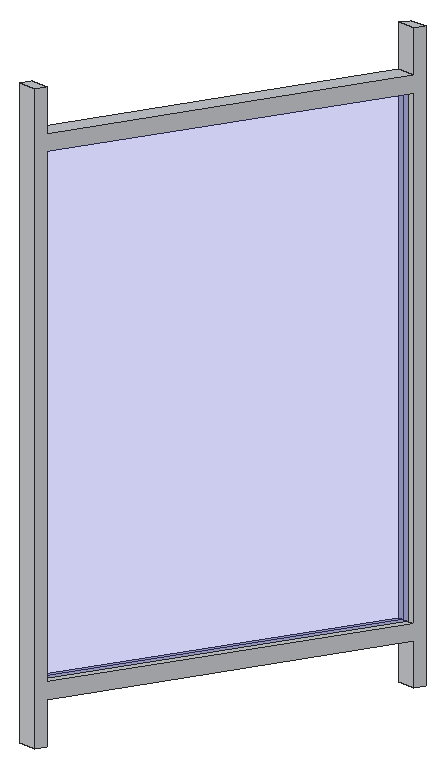
Revit family "M_Painel do balaústre 1", category Balaústres, Revit 2019
Family settings
  Número OmniClass = 23.30.80.11.11.11
  Título OmniClass = Infill Panels
  ID de item do Seek = Baluster Panel 1-0000-CAN-ENU
  Sempre na vertical = Sim
  Corte com vazios quando carregada = Não
  Compartilhado = Não
Parameters (values of type "600 mm - Vidro")
  built-in parameter 1008623 [instance] = (empty or 0)
  built-in parameter 1008625 [instance] = 18.00°
  Post = no
  Material do painel = Vidro
  Largura [instance] = 600 mm
  Material da moldura = none
  built-in parameter 1008624 [instance] = (empty or 0)
  built-in parameter 1008622 [instance] = 750 mm
Types (4, lengths in mm): name | Material do painel | Largura
  (no name) | Vidro | 600
  600 mm - Vidro | Vidro | 600
  600 mm - Corrente | Corrente | 600
  450 mm - Vidro | Vidro | 450
Reference planes
  plane 1 "Centro (Frente/Trás)": y = 0
  plane 2: z = 0
  plane 3 "Centro (Esquerda/Direita)": x = 0
  plane 4 "Superior": z = 750
  plane 5 "Ângulo de inclinação (Superior)": through (0, 220.419, 678.381) normal (0, -0.309, -0.9511)
  plane 6 "Ângulo de inclinação (Inferior)": through (0, 0, 0) normal (0, -0.309, -0.9511)
  plane 7 "Parte frontal": y = 300
  plane 8 "Parte posterior": y = -300
  plane 9: z = 1054.8
  plane 10: z = -304.8
  plane 11: x = -19.05
  plane 12: x = 25.4
  plane 13: x = -9.525
  plane 14: x = 9.525
  plane 15: x = -3.175
  plane 16: x = 3.175
Forms (mm)
  Extrusion 1, solid, material <- "Material da moldura"
    sketch origin (0, 0, 0) x (1, 0, 0) y (0, 1, 0)
      loop
        line (-9.525, 309.525) -> (-9.525, 290.475) -> (9.525, 290.475) -> (9.525, 309.525) -> (-9.525, 309.525)
    from -304.8 to 1054.8
  Extrusion 2, solid, material <- "Material da moldura"
    sketch origin (0, 0, 0) x (1, 0, 0) y (0, 1, 0)
      loop
        line (-9.525, -290.475) -> (-9.525, -309.525) -> (9.525, -309.525) -> (9.525, -290.475) -> (-9.525, -290.475)
    from -304.8 to 1054.8
  Extrusion 3, void
    sketch origin (0, 0, 0) x (0, 1, 0) y (0, 0, 1)
      loop
        line (-334.925, -304.8) -> (334.925, -304.8) -> (334.925, -108.824) -> (-334.925, 108.824) -> (-334.925, -304.8)
      loop
        line (334.925, 1054.8) -> (-334.925, 1054.8) -> (-334.925, 858.824) -> (334.925, 641.176) -> (334.925, 1054.8)
    from -19.05 to 25.4
  Extrusion 4, solid, material <- "Material da moldura"
    sketch origin (0, 0, 0) x (0, 1, 0) y (0, 0, 1)
      loop
        line (-300, 774.031) -> (300, 579.079) -> (300, 599.11) -> (-300, 794.062) -> (-300, 774.031)
    from -9.525 to 9.525
  Extrusion 5, solid, material <- "Material da moldura"
    sketch origin (0, 0, 0) x (0, 1, 0) y (0, 0, 1)
      loop
        line (-300, 170.921) -> (-300, 150.89) -> (300, -44.062) -> (300, -24.031) -> (-300, 170.921)
    from -9.525 to 9.525
  Extrusion 6, solid, material "Vidro" <- "Material do painel"
    sketch origin (0, 0, 0) x (0, 1, 0) y (0, 0, 1)
      loop
        line (290.475, -20.936) -> (290.475, 582.174) -> (-290.475, 770.936) -> (-290.475, 167.826) -> (290.475, -20.936)
    from -3.175 to 3.175
Cuts and joins
  Extrusion 3 cuts Extrusion 1
  Extrusion 3 cuts Extrusion 2
  joined: Extrusion 1, Extrusion 2, Extrusion 4, Extrusion 5
Lines and regions (mm)
  symbolic lines, style "InvisibleLines"
    curve 1: line (0, -300, 773.84) -> (0, 300.36, 578.772)
    curve 2: line (0, -300, 170.921) -> (0, 300, -24.031)
Text (mm)
  text "Elevação do painel do balaústre" at (0, 1279.138, 1234.25), in view "Esquerda"
Dimensions and locks
  "built-in parameter 1008622": plane 2 to plane 4 "Superior"
  "Largura": plane 8 "Parte posterior" to plane 7 "Parte frontal"
  equal spacing: plane 8 "Parte posterior", plane 1 "Centro (Frente/Trás)", plane 7 "Parte frontal"
  locked: curve 1 to plane 5 "Ângulo de inclinação (Superior)" at 70.032  (x2)
  locked: curve 1 to Extrusion 4 sketch curve at 19.232
  locked: plane 4 "Superior" to plane 9 at 304.8
  locked: level to plane 10 at 304.8
  locked: plane 6 "Ângulo de inclinação (Inferior)" to curve 2 at 69.85  (x2)
  locked: curve 2 to Extrusion 5 sketch curve at 19.05
  equal spacing: plane 13, plane 3 "Centro (Esquerda/Direita)", plane 14
  locked: plane 13 to plane 14 at 19.05
  locked: plane 15 to plane 16 at 6.35
  equal spacing: plane 15, plane 3 "Centro (Esquerda/Direita)", plane 16
  "built-in parameter 1008625": angle plane 4 "Superior" to plane 5 "Ângulo de inclinação (Superior)"
  "built-in parameter 1008625": angle level to plane 6 "Ângulo de inclinação (Inferior)"
  aligned and locked: Extrusion 1 to plane 9
  aligned and locked: plane 10 to Extrusion 1
  aligned and locked: Extrusion 2 to Extrusion 1
  aligned and locked: Extrusion 1 to Extrusion 2
  aligned and locked: plane 10 to Extrusion 3 sketch curve
  aligned and locked: Extrusion 3 sketch curve to plane 6 "Ângulo de inclinação (Inferior)"
  aligned and locked: Extrusion 3 sketch curve to plane 9
  aligned and locked: plane 5 "Ângulo de inclinação (Superior)" to Extrusion 3 sketch curve
  aligned and locked: plane 11 to Extrusion 3
  aligned and locked: Extrusion 3 to plane 12
  aligned and locked: Extrusion 4 sketch curve to plane 7 "Parte frontal"
  aligned and locked: Extrusion 4 sketch curve to plane 8 "Parte posterior"
  aligned and locked: plane 7 "Parte frontal" to curve 2
  aligned and locked: plane 8 "Parte posterior" to curve 2
  aligned and locked: Extrusion 5 sketch curve to curve 2
  aligned and locked: Extrusion 1 sketch curve to plane 13
  aligned and locked: plane 14 to Extrusion 1 sketch curve
  aligned and locked: Extrusion 2 sketch curve to plane 13
  aligned and locked: plane 14 to Extrusion 2 sketch curve
  aligned and locked: plane 13 to Extrusion 4
  aligned and locked: Extrusion 4 to plane 14
  aligned and locked: cut or joined group of Extrusion 1, Extrusion 2, Extrusion 3, Extrusion 4, Extrusion 5 to Extrusion 5  (x2)
  aligned and locked: Extrusion 6 sketch curve to cut or joined group of Extrusion 1, Extrusion 2, Extrusion 3, Extrusion 4, Extrusion 5  (x4)
  aligned and locked: Extrusion 6 to plane 15
  aligned and locked: Extrusion 6 to plane 16
Automatic sketch dimensions
  plane 8 "Parte posterior" to Extrusion 3 sketch curve = 34.925 mm  (x2)
  Extrusion 3 sketch curve to plane 7 "Parte frontal" = 34.925 mm  (x2)
  Extrusion 4 sketch curve to Extrusion 4 sketch curve = 20.03 mm  (x2)
  curve 1 to plane 8 "Parte posterior" = 0 mm
  curve 1 to plane 7 "Parte frontal" = 0.36 mm
  Extrusion 5 sketch curve to plane 8 "Parte posterior" = 0 mm
  Extrusion 5 sketch curve to plane 7 "Parte frontal" = 0 mm
  plane 7 "Parte frontal" to Extrusion 1 sketch curve = 9.525 mm
  Extrusion 1 sketch curve to plane 7 "Parte frontal" = 9.525 mm
  plane 8 "Parte posterior" to Extrusion 2 sketch curve = 9.525 mm
  Extrusion 2 sketch curve to plane 8 "Parte posterior" = 9.525 mm
